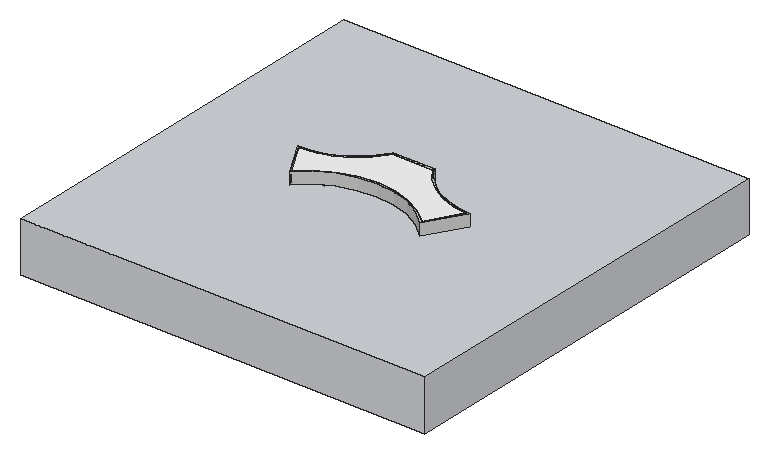
Revit family "en-halla-mila-surfacerfa", category Осветительные приборы, Revit 2017
Family settings
  Основа = Грань
  Размер круглого соединителя = Использовать диаметр
  Тип детали = Нормальный
  Номер OmniClass = 23.80.70.11.11
  Заголовок OmniClass = General Luminaries, Non Directional
  При загрузке вырезать с полостями = Нет
  Источник света = Нет
  Общий = Нет
  Точка расчета площади = Нет
Parameters
  Полная установленная мощность = Power input  # 84 VA
  Youtube clip = ""
  Weight Net (Kg) = "0"
  Изготовитель = "HALLA"  # constant formula
  Default Elevation = 2000 mm
  Voltage = "230-240V"
  Uniclass 2.0 Description = "Luminaires And Lamps"
  Uniclass 2.0 Code = "PR-49"
  Uniclass 1.4 Description = "Luminaires and lamps"
  Uniclass 1.4 Code = "JY73"
  URL = "http://www.halla.cz"
  UNSPSC Code = "3911"
  Cable - connection type [instance] = MILA accessory - cabel with WAGO connector and 2x T connector : 101-0005
  Distance type [instance] = MILA accessory - accessory for creating of distance between mounting surface : 101-0001, B - black
  Technical description = ""
  Switched on [instance] = yes
  Switched off [instance] = not(Switched on)  # no
  Suspension height [instance] = 35 mm  # constant formula
  Source used = ""
  Source type = ""
  Shape of luminaire = "Jiné"
  Region South America = "All"
  Region Oceania = "All"
  Region North America = "All"
  Region Middle East = "All"
  Region Europe = "All"
  Region Asia = "All"
  Region Antarctica = "All"
  Region Africa = "All"
  QR code = "http://file-system.ru/catalog/zdaniya_i_sooruzheniya/interer/osveshchenie/halla_mila_svetilnik/"
  Connected to a luminaire [instance] = yes
  Protection class = "I"
  Product group = "Mila"
  Product family = "Indoor Luminaires"
  Product data url = ""
  Product code = ""
  Product certification = ""
  Product URL = ""
  Product SKU = "mila"
  Price (EUR) = 0
  Power input = 84 W
  Описание = "Svítidlo firmy HALLA."
  Optics type = ""
  Suspension distance from axis = 600 mm  # constant formula
  Number of sources = 1
  Nominal width = "1040.00"
  Nominal height = "70.00"
  NBS Reference Description = "Luminaires And Lamps"
  NBS Reference Code = "49"
  Material secondary = ""
  Material of luminaire = "Hliník"
  Material main = "Aluminium"
  Manufacturer name = "HALLA"
  Manufacturer country = "Czech Republic"
  Lighting width = 0 mm
  Lighting source distance = 105 mm  # constant formula
  Lighting length = 0 mm
  Lighting height = 70 mm
  Lighting dimensions = "1040 x 445 x 70"
  LED source = yes
  Installation instructions = ""
  Installation instruction = ""
  Initial intensity = ""
  Initial colour = ""
  IP Code = "IP 40"
  IFC Classification = "Light Fixture"
  Frequency = "50-60 Hz"
  Energy class = ""
  Electric potential = 230 V  # constant formula
  Model = ""
  Код по классификатору = "D5020230"
  Edition number = "1"
  EAN code = ""
  EAN = ""
  Distribution = ""
  Designer = ""
  Design country = "Czech Republic"
  Depth = "445.00"
  Date of publishing = "2014-12-15"
  Data sheet = ""
  Control gear option = ""
  Colour of luminaire = Aluminium - silver
  COBIe Type Category = ""
Reference planes
  plane 1 "Střed (vpředu/vzadu)": y = 0
  plane 2: z = 0
  plane 3 "Střed (vlevo/vpravo)": x = 0
  plane 4 "BP_Světlo spodní": z = 35
  plane 5 "BP_Světlo horní": z = 105
  plane 6: x = -300
  plane 7: x = 300
  plane 8 "BP_Zdroj světla": z = 42
  plane 9 "BP_Napojení pravé": through (394.489, -222.5, 1219.2) normal (-0.866, 0.5, 0)
  plane 10 "BP_Napojení levé": through (-394.489, -222.5, 1219.2) normal (-0.866, -0.5, 0)
  plane 11 "BP_Napojení horní": y = 222.5
Forms (mm)
  Extrusion 1, solid
    sketch origin (0, 0, 0) x (1, 0, 0) y (0, 1, 0)
      loop
        line (-1219.2, 1219.2) -> (-1219.2, -1219.2) -> (1219.2, -1219.2) -> (1219.2, 1219.2) -> (-1219.2, 1219.2)
    from 0 to -304.8
  Extrusion 2, solid, material "Aluminium - silver" <- "Colour of luminaire"
    sketch origin (-1301.934, -4572, 35) x (-1, 0, 0) y (0, -1, 0)
      loop
        arc (-1176.933, -4794.5) -> (-1009.996, -4627.657) -> (-781.934, -4566.891) r 455
        line (-781.934, -4566.891) -> (-907.445, -4349.5)
        arc (-907.445, -4349.5) -> (-1301.934, -4516.253) -> (-1696.423, -4349.5) r 550
        line (-1696.423, -4349.5) -> (-1821.934, -4566.891)
        arc (-1821.934, -4566.891) -> (-1593.872, -4627.657) -> (-1426.934, -4794.5) r 455
        line (-1426.934, -4794.5) -> (-1176.933, -4794.5)
      loop
        arc (-1180.956, -4787.5) -> (-1016.952, -4623.606) -> (-793.981, -4560.025) r 462
        line (-793.981, -4560.025) -> (-908.917, -4360.951)
        arc (-908.917, -4360.951) -> (-1301.934, -4523.253) -> (-1694.951, -4360.951) r 557
        line (-1694.951, -4360.951) -> (-1809.887, -4560.025)
        arc (-1809.887, -4560.025) -> (-1586.916, -4623.606) -> (-1422.912, -4787.5) r 462
        line (-1422.912, -4787.5) -> (-1180.956, -4787.5)
    from 0 to 70 <- "Lighting height"
  Extrusion 3, solid, material "Aluminium - silver" <- "Colour of luminaire"
    sketch origin (-1301.934, -4572, 35) x (-1, 0, 0) y (0, -1, 0)
      loop
        arc (-908.917, -4360.951) -> (-1301.934, -4523.253) -> (-1694.951, -4360.951) r 557
        line (-1694.951, -4360.951) -> (-1809.887, -4560.025)
        arc (-1809.887, -4560.025) -> (-1586.916, -4623.606) -> (-1422.912, -4787.5) r 462
        line (-1422.912, -4787.5) -> (-1180.956, -4787.5)
        arc (-1180.956, -4787.5) -> (-1016.952, -4623.606) -> (-793.981, -4560.025) r 462
        line (-793.981, -4560.025) -> (-908.917, -4360.951)
    from 0 to 7
  Extrusion 4, solid, material "Diffuser - light switched on", visible <- "Switched off"
    sketch origin (0, 222.5, 105) x (0, 1, 0) y (-1, 0, 0)
      loop
        line (-234.475, 507.953) -> (-433.549, 393.017)
        arc (-433.549, 393.017) -> (-271.247, 0) -> (-433.549, -393.017) r 557
        line (-433.549, -393.017) -> (-234.475, -507.953)
        arc (-234.475, -507.953) -> (-170.894, -284.982) -> (-7, -120.978) r 462
        line (-7, -120.978) -> (-7, 120.978)
        arc (-7, 120.978) -> (-170.894, 284.982) -> (-234.475, 507.953) r 462
    from -4 to 0
  Extrusion 5, solid, material "Diffuser - light switched off", visible <- "Switched on"
    sketch origin (0, 222.5, 105) x (0, 1, 0) y (-1, 0, 0)
      loop
        line (-234.475, 507.953) -> (-433.549, 393.017)
        arc (-433.549, 393.017) -> (-271.247, 0) -> (-433.549, -393.017) r 557
        line (-433.549, -393.017) -> (-234.475, -507.953)
        arc (-234.475, -507.953) -> (-170.894, -284.982) -> (-7, -120.978) r 462
        line (-7, -120.978) -> (-7, 120.978)
        arc (-7, 120.978) -> (-170.894, 284.982) -> (-234.475, 507.953) r 462
    from -4 to 0
Cuts and joins
  joined: Extrusion 2, Extrusion 3
Dimensions and locks
  "Suspension height": plane 4 "BP_Světlo spodní" to plane 2
  "Lighting height": plane 5 "BP_Světlo horní" to plane 4 "BP_Světlo spodní"
  equal spacing: plane 6, plane 3 "Střed (vlevo/vpravo)", plane 7
  "Suspension distance from axis": plane 6 to plane 7
  locked: plane 8 "BP_Zdroj světla" to plane 4 "BP_Světlo spodní" at 7
  aligned and locked: plane 2 to Extrusion 1
  aligned and locked: level to Extrusion 1
Automatic sketch dimensions
  Extrusion 1 sketch curve to Extrusion 1 sketch curve = 2438.4 mm  (x2)
  Extrusion 2 sketch curve to Extrusion 2 sketch curve = 0 mm  (x6)
  Extrusion 2 sketch curve to plane 9 "BP_Napojení pravé" = 0 mm  (x2)
  Extrusion 2 sketch curve to plane 11 "BP_Napojení horní" = 0 mm
  Extrusion 2 sketch curve to plane 3 "Střed (vlevo/vpravo)" = 0 mm
  Extrusion 2 sketch curve to plane 10 "BP_Napojení levé" = 0 mm  (x2)
  Extrusion 2 sketch curve to plane 11 "BP_Napojení horní" = 7 mm
  plane 3 "Střed (vlevo/vpravo)" to Extrusion 2 sketch curve = 120.978 mm
  Extrusion 2 sketch curve to Extrusion 2 sketch curve = 4.022 mm  (x2)
  Extrusion 2 sketch curve to plane 7 = 93.017 mm
  Extrusion 2 sketch curve to Extrusion 2 sketch curve = 1.472 mm  (x2)
  plane 1 "Střed (vpředu/vzadu)" to Extrusion 2 sketch curve = 11.975 mm  (x2)
  Extrusion 2 sketch curve to plane 7 = 207.953 mm
  Extrusion 2 sketch curve to plane 7 = 219.105 mm
  Extrusion 2 sketch curve to plane 3 "Střed (vlevo/vpravo)" = 120.978 mm
  Extrusion 2 sketch curve to plane 6 = 207.953 mm
  Extrusion 2 sketch curve to plane 6 = 219.105 mm
  Extrusion 2 sketch curve to Extrusion 2 sketch curve = 11.451 mm
  Extrusion 2 sketch curve to Extrusion 2 sketch curve = 383.247 mm
  Extrusion 3 sketch curve to plane 3 "Střed (vlevo/vpravo)" = 0 mm
  Extrusion 3 sketch curve to plane 11 "BP_Napojení horní" = 7 mm
  plane 3 "Střed (vlevo/vpravo)" to Extrusion 3 sketch curve = 120.978 mm
  Extrusion 3 sketch curve to plane 7 = 93.017 mm
  plane 1 "Střed (vpředu/vzadu)" to Extrusion 3 sketch curve = 11.975 mm  (x2)
  Extrusion 3 sketch curve to plane 7 = 207.953 mm
  Extrusion 3 sketch curve to plane 7 = 219.105 mm
  Extrusion 3 sketch curve to plane 3 "Střed (vlevo/vpravo)" = 120.978 mm
  Extrusion 3 sketch curve to plane 6 = 93.017 mm
  Extrusion 3 sketch curve to plane 6 = 207.953 mm
  Extrusion 3 sketch curve to plane 6 = 219.105 mm
  plane 1 "Střed (vpředu/vzadu)" to Extrusion 3 sketch curve = 211.049 mm
  Extrusion 3 sketch curve to Extrusion 3 sketch curve = 394.698 mm
  Extrusion 4 sketch curve to plane 3 "Střed (vlevo/vpravo)" = 0 mm
  plane 1 "Střed (vpředu/vzadu)" to Extrusion 4 sketch curve = 605.747 mm
  Extrusion 4 sketch curve to plane 6 = 93.017 mm
  plane 1 "Střed (vpředu/vzadu)" to Extrusion 4 sketch curve = 211.049 mm
  Extrusion 4 sketch curve to plane 7 = 93.017 mm
  plane 1 "Střed (vpředu/vzadu)" to Extrusion 4 sketch curve = 11.975 mm  (x2)
  Extrusion 4 sketch curve to plane 11 "BP_Napojení horní" = 7 mm
  plane 11 "BP_Napojení horní" to Extrusion 4 sketch curve = 227.39 mm  (x2)
  Extrusion 4 sketch curve to plane 7 = 207.953 mm
  Extrusion 4 sketch curve to plane 7 = 219.105 mm
  Extrusion 4 sketch curve to plane 3 "Střed (vlevo/vpravo)" = 120.978 mm
  Extrusion 4 sketch curve to plane 6 = 207.953 mm
  Extrusion 5 sketch curve to plane 3 "Střed (vlevo/vpravo)" = 0 mm
  plane 1 "Střed (vpředu/vzadu)" to Extrusion 5 sketch curve = 605.747 mm
  Extrusion 5 sketch curve to plane 6 = 93.017 mm
  plane 1 "Střed (vpředu/vzadu)" to Extrusion 5 sketch curve = 211.049 mm
  Extrusion 5 sketch curve to plane 7 = 93.017 mm
  plane 1 "Střed (vpředu/vzadu)" to Extrusion 5 sketch curve = 11.975 mm  (x2)
  Extrusion 5 sketch curve to plane 11 "BP_Napojení horní" = 7 mm
  plane 11 "BP_Napojení horní" to Extrusion 5 sketch curve = 227.39 mm  (x2)
  Extrusion 5 sketch curve to plane 7 = 207.953 mm
  Extrusion 5 sketch curve to plane 7 = 219.105 mm
  Extrusion 5 sketch curve to plane 3 "Střed (vlevo/vpravo)" = 120.978 mm
  Extrusion 5 sketch curve to plane 6 = 207.953 mm
Nested families
  nested 1: "MILA accessory - accessory for creating of distance between mounting surface" at (0, 0, 0), type <- "Distance type", type "101-0001, B - black", detail levels fine
  nested 2: "MILA accessory - cabel with WAGO connector and 2x T connector" at (-52.796, -260, 0), type <- "Cable - connection type", visible <- "Connected to a luminaire", type "101-0005"
  nested 3: "MILA - source" at (0, 0, 105), built-in parameter 1001364 <- "Lighting source distance", type "MILA - source"
Connectors
  electrical at (0, 0, 0), driven by "Полная установленная мощность", driven by "Electric potential", driven by "Полная установленная мощность"
    settings: index 1, voltage 230 V, apparent load 84 VA, apparent load phase1 84 VA, apparent load phase2 0 VA, apparent load phase3 0 VA, power factor 1, load classification "Osvětlení", number of poles 1, system type 30, power factor state 0, is connector primary yes, connector utility no, sub classification motor no, connector description ""
Definition of nested family "MILA accessory - accessory for creating of distance between mounting surface"
  Parameters
    Manufacturer = "HALLA"  # constant formula
    Default Elevation = 0 mm
    URL výrobku = ""
    URL = "http://www.halla.cz"
    Description = ""
    Model = ""
    Assembly Code = "D5020200"
    Keynote = ""
    Barva svítidla = none
  Reference planes
    plane 1 "Střed (vpředu/vzadu)": y = 0
    plane 2: z = 0
    plane 3 "Střed (vlevo/vpravo)": x = 0
    plane 4: z = 600
    plane 5: x = -300
    plane 6: x = 300
  Forms (mm)
    Extrusion 1, solid, material <- "Barva svítidla"
      sketch origin (0, 0, 0) x (1, 0, 0) y (0, 1, 0)
        loop
          line (-295, 0) -> (-295, 20) -> (-305, 20) -> (-305, -80) -> (-295, -80) -> (-295, 0)
        loop
          line (305, 0) -> (305, 20) -> (295, 20) -> (295, -80) -> (305, -80) -> (305, 0)
      from 0 to 35
  Dimensions and locks
    plane 4 to level = 600 mm
    equal spacing: plane 6, plane 3 "Střed (vlevo/vpravo)", plane 5
    plane 6 to plane 5 = 600 mm
    aligned and locked: level to plane 2
  Automatic sketch dimensions
    plane 1 "Střed (vpředu/vzadu)" to Extrusion 1 sketch curve = 0 mm  (x2)
    Extrusion 1 sketch curve to plane 5 = 5 mm
    plane 5 to Extrusion 1 sketch curve = 5 mm
    Extrusion 1 sketch curve to plane 6 = 5 mm
    plane 6 to Extrusion 1 sketch curve = 5 mm
    plane 1 "Střed (vpředu/vzadu)" to Extrusion 1 sketch curve = 80 mm  (x2)
    Extrusion 1 sketch curve to plane 1 "Střed (vpředu/vzadu)" = 20 mm  (x2)
Definition of nested family "MILA accessory - cabel with WAGO connector and 2x T connector"
  Parameters
    Manufacturer = "HALLA"  # constant formula
    Default Elevation = 0 mm
    URL výrobku = "http://www.halla.cz/mila/svitidlo-101-501k-80gde-840-w.html"
    URL = "http.//www.halla.cz"
    Description = "Příslušenství ke svítidlům HALLA MILA"  # constant formula
    Model = "Propojovací kabel 3x0,75 mm s konektory WAGO a 2x T konektor"
    Kód výrobku = "101-0005"
    Assembly Code = "D5020200"
    Keynote = ""
    EAN = ""
    Copyright = "Pro HALLA, s.r.o., vytvořil BIM Project s.r.o."  # constant formula
  Reference planes
    plane 1 "Střed (vpředu/vzadu)": y = 0
    plane 2: z = 0
    plane 3 "Střed (vlevo/vpravo)": x = 0
  Dimensions and locks
    aligned and locked: level to plane 2
Definition of nested family "MILA - source"
  Parameters
    built-in parameter 1150104 = 13.8 (stored number, unit not read)
    Tilt Angle = -90.00°  # constant formula
    built-in parameter 1150112 = 1 (stored number, unit not read)
    built-in parameter 1114218 = 1 (stored number, unit not read)
    built-in parameter 1150109 = 1 (stored number, unit not read)
    built-in parameter 1150110 = 1 (stored number, unit not read)
    built-in parameter 1150133 = 10 (stored number, unit not read)
    built-in parameter 1150134 = (empty or 0)
    Lumens = 2900 lm
    Photometric Web File = "MILA 101-500K-70GDE.ies"
    Wattage = 19.5231 W
    built-in parameter 1150107 = 3000 (stored number, unit not read)
    built-in parameter 1150102 = (empty or 0)
    built-in parameter 1150138 = (empty or 0)
    Dimming Lamp Color Temperature Shift = (empty or 0)
    built-in parameter 1150114 = 1 (stored number, unit not read)
    built-in parameter 1150115 = 1 (stored number, unit not read)
    built-in parameter 1150106 = 2.3077 (stored number, unit not read)
    built-in parameter 1150137 = (empty or 0)
    built-in parameter 1150132 = 2
    built-in parameter 1150105 = 230.77 (stored number, unit not read)
    built-in parameter 1150139 = (empty or 0)
    built-in parameter 1150113 = 1 (stored number, unit not read)
    Emit from Rectangle Width = 1 mm  # constant formula
    Emit from Rectangle Length = 1 mm  # constant formula
    Emit Shape Visible in Rendering = 1 > 2  # no
    built-in parameter 1114217 = 1 (stored number, unit not read)
    Color Filter = 16777215
  Reference planes
    plane 1 "Střed (vpředu/vzadu)": y = 0
    plane 2: z = 0
    plane 3 "Střed (vlevo/vpravo)": x = 0
  Dimensions and locks
    aligned and locked: level to plane 2
